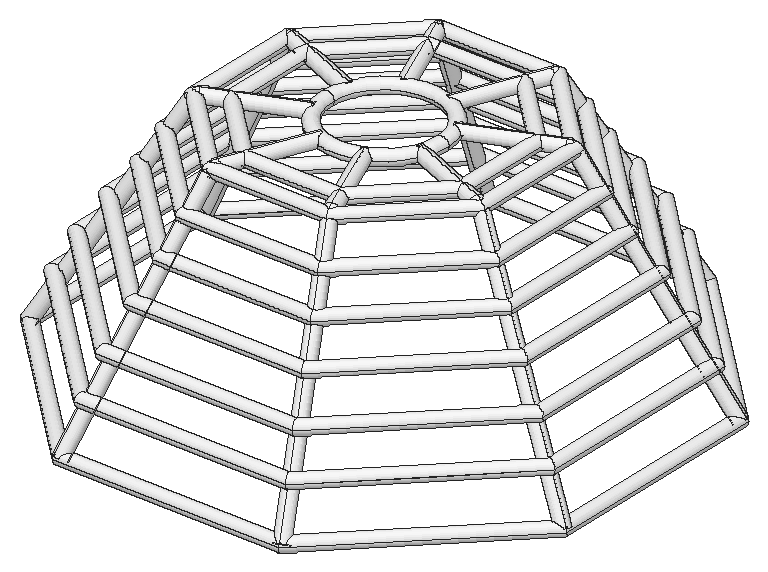
Revit family "1702a_WGOMNI", category Communication Devices, host Face, Revit 2021
Family settings
  Host = Face
  Maintain Annotation Orientation = No
  Round Connector Dimension = Use Diameter
  Part Type = Normal
  OmniClass Number = 23.85.80.11.27
  OmniClass Title = Lighting Controls
  Cut with Voids When Loaded = No
  Shared = Yes
  Room Calculation Point = No
Parameters
  Width = 7.00"
  Warranty = "5-Years Warranty"  # constant formula
  Type Comments = "WGOMNI – Ceiling mount guard for OMNI sensors"  # constant formula
  Product Page URL = ""
  Product Documentation Link = ""
  URL = "https://www.currentlighting.com/nxlightingcontrols"
  Model = "WGOMNI – Ceiling mount guard for OMNI sensors"  # constant formula
  Manufacturer = " NX Lighting Controls"  # constant formula
  Height = 7.00"
  Description = "Wire guards are heavy-duty coated wire guards for sensors to protect from destructive strikes. Mounting clips are included. Color: White."  # constant formula
  Default Elevation = 48.00"
  Copyright = "Copyright © NX Lighting Controls"  # constant formula
  Contact Us = ""
  Housing Material = Paint - Matte White
  Certifications = "UL and cUL listed"
  Assembly Code = "D5090"
Reference planes (in)
  plane 1 "Center (Front/Back)": y = 10.6334191
  plane 2: z = 0
  plane 3 "Center (Left/Right)": x = 0
  plane 4: x = -3.5
  plane 5: x = 3.5
  plane 6: y = 14.1334191
  plane 7: y = 7.1334191
  plane 8: z = 3.25
Forms (in)
  Sweep 1, solid, material "Paint - Matte White" <- "Housing Material"
    path origin (0, 0, 0) x (1, 0, 0) y (0, 1, 0)
      loop
        line (-1.4390352, 14.1075575) -> (-3.4741384, 12.0724544) -> (-3.4741384, 9.1943839) -> (-1.4390352, 7.1592807) -> (1.4390352, 7.1592807) -> (3.4741384, 9.1943839) -> (3.4741384, 12.0724544) -> (1.4390352, 14.1075575) -> (-1.4390352, 14.1075575)
    profile origin (-2.4565868, 13.090006, 0) x (0.707107, -0.707107, 0) y (0, 0, 1)
      loop
        circle (0, 0) r 0.09
      loop
        circle (0.234375, 0.6026441) r 0.09
      loop
        circle (0.7700494, 1.5870191) r 0.09
      loop
        circle (0.4642014, 1.0959147) r 0.09
      loop
        circle (1.0767278, 2.0186974) r 0.09
      loop
        circle (1.3208968, 2.4467525) r 0.09
      loop
        circle (1.6119502, 2.8940559) r 0.09
  Sweep 2, solid, material "Paint - Matte White" <- "Housing Material"
    path origin (0, 0, 0) x (1, 0, 0) y (0, 1, 0)
      loop
        line (-0.6213203, 12.1334191) -> (-1.5, 11.2547395) -> (-1.5, 10.0120988) -> (-0.6213203, 9.1334191) -> (0.6213203, 9.1334191) -> (1.5, 10.0120988) -> (1.5, 11.2547395) -> (0.6213203, 12.1334191) -> (-0.6213203, 12.1334191)
    profile origin (-1.0606602, 11.6940793, 0) x (0.707107, -0.707107, 0) y (0, 0, 1)
      loop
        circle (0, 2.9135553) r 0.0895783
  Sweep 3, solid, material "Paint - Matte White" <- "Housing Material"
    path origin (0, 0, 0) x (1, 0, 0) y (0, 1, 0)
      loop
        circle (0, 10.6334191) r 0.75
    profile origin (0, 11.3834191, 0) x (0, -1, 0) y (0, 0, 1)
      loop
        circle (0, 2.904524) r 0.0901169
  Sweep 4, solid, material "Paint - Matte White" <- "Housing Material"
    path origin (0.1545348, 10.7030502, -0.0663991) x (0.92388, 0.382684, 0) y (0, 0, 1)
      loop
        line (0.5742326, 2.9764199) -> (1.7742326, 2.9764199)
        arc (1.7742326, 2.9764199) -> (1.8255315, 2.9629562) -> (1.8636068, 2.9260358) r 0.1044605
        line (1.8636068, 2.9260358) -> (3.5962509, 0.0624248)
    profile origin (2.6766602, 11.747749, 1.4278312) x (0.790452, 0.327416, 0.517673) y (0.382684, -0.92388, 0)
      loop
        circle (0, 0) r 0.09
  Sweep 5, solid, material "Paint - Matte White" <- "Housing Material"
    path origin (0.1585093, 10.5733831, -0.0663991) x (0.92388, -0.382683, 0) y (0, 0, 1)
      loop
        line (0.5742326, 2.9764199) -> (1.7742326, 2.9764199)
        arc (1.7742326, 2.9764199) -> (1.8255315, 2.9629562) -> (1.8636068, 2.9260358) r 0.1044605
        line (1.8636068, 2.9260358) -> (3.5962509, 0.0624248)
    profile origin (2.6806347, 9.5286846, 1.4278312) x (0.790452, -0.327416, 0.517673) y (-0.382683, -0.92388, 0)
      loop
        circle (0, 0) r 0.09
  Sweep 6, solid, material "Paint - Matte White" <- "Housing Material"
    path origin (0.0696311, 10.4788843, -0.0663991) x (0.382683, -0.92388, 0) y (0, 0, 1)
      loop
        line (0.5742326, 2.9764199) -> (1.7742326, 2.9764199)
        arc (1.7742326, 2.9764199) -> (1.8255315, 2.9629562) -> (1.8636068, 2.9260358) r 0.1044605
        line (1.8636068, 2.9260358) -> (3.5962509, 0.0624248)
    profile origin (1.1143295, 7.9567588, 1.4278312) x (0.327416, -0.790452, 0.517673) y (-0.92388, -0.382683, 0)
      loop
        circle (0, 0) r 0.09
  Sweep 7, solid, material "Paint - Matte White" <- "Housing Material"
    path origin (-0.060036, 10.4749099, -0.0663991) x (-0.382684, -0.923879, 0) y (0, 0, 1)
      loop
        line (0.5742326, 2.9764199) -> (1.7742326, 2.9764199)
        arc (1.7742326, 2.9764199) -> (1.8255315, 2.9629562) -> (1.8636068, 2.9260358) r 0.1044605
        line (1.8636068, 2.9260358) -> (3.5962509, 0.0624248)
    profile origin (-1.1047349, 7.9527846, 1.4278312) x (-0.327416, -0.790452, 0.517673) y (-0.923879, 0.382684, 0)
      loop
        circle (0, 0) r 0.09
  Sweep 8, solid, material "Paint - Matte White" <- "Housing Material"
    path origin (-0.1545349, 10.5637881, -0.0663991) x (-0.92388, -0.382683, 0) y (0, 0, 1)
      loop
        line (0.5742326, 2.9764199) -> (1.7742326, 2.9764199)
        arc (1.7742326, 2.9764199) -> (1.8255315, 2.9629562) -> (1.8636068, 2.9260358) r 0.1044605
        line (1.8636068, 2.9260358) -> (3.5962509, 0.0624248)
    profile origin (-2.6766605, 9.51909, 1.4278312) x (-0.790452, -0.327416, 0.517673) y (-0.382683, 0.92388, 0)
      loop
        circle (0, 0) r 0.09
  Sweep 9, solid, material "Paint - Matte White" <- "Housing Material"
    path origin (-0.1585092, 10.6934552, -0.0663991) x (-0.923879, 0.382684, 0) y (0, 0, 1)
      loop
        line (0.5742326, 2.9764199) -> (1.7742326, 2.9764199)
        arc (1.7742326, 2.9764199) -> (1.8255315, 2.9629562) -> (1.8636068, 2.9260358) r 0.1044605
        line (1.8636068, 2.9260358) -> (3.5962509, 0.0624248)
    profile origin (-2.6806344, 11.7381544, 1.4278312) x (-0.790452, 0.327416, 0.517673) y (0.382684, 0.923879, 0)
      loop
        circle (0, 0) r 0.09
  Sweep 10, solid, material "Paint - Matte White" <- "Housing Material"
    path origin (-0.069631, 10.787954, -0.0663991) x (-0.382683, 0.92388, 0) y (0, 0, 1)
      loop
        line (0.5742326, 2.9764199) -> (1.7742326, 2.9764199)
        arc (1.7742326, 2.9764199) -> (1.8255315, 2.9629562) -> (1.8636068, 2.9260358) r 0.1044605
        line (1.8636068, 2.9260358) -> (3.5962509, 0.0624248)
    profile origin (-1.1143288, 13.3100797, 1.4278312) x (-0.327416, 0.790452, 0.517673) y (0.92388, 0.382683, 0)
      loop
        circle (0, 0) r 0.09
  Sweep 11, solid, material "Paint - Matte White" <- "Housing Material"
    path origin (0.0600361, 10.7919284, -0.0663991) x (0.382684, 0.923879, 0) y (0, 0, 1)
      loop
        line (0.5742326, 2.9764199) -> (1.7742326, 2.9764199)
        arc (1.7742326, 2.9764199) -> (1.8255315, 2.9629562) -> (1.8636068, 2.9260358) r 0.1044605
        line (1.8636068, 2.9260358) -> (3.5962509, 0.0624248)
    profile origin (1.1047356, 13.3140534, 1.4278312) x (0.327416, 0.790452, 0.517673) y (0.923879, -0.382684, 0)
      loop
        circle (0, 0) r 0.09
Dimensions and locks (in)
  "Height": plane 4 to plane 5
  "Width": plane 7 to plane 6
  equal spacing: plane 4, plane 3 "Center (Left/Right)", plane 5
  equal spacing: plane 7, plane 1 "Center (Front/Back)", plane 6
  plane 8 to plane 2 = 3.25"  (x2)
  aligned and locked: plane 2 to host face
  aligned and locked: level to host face
Automatic sketch dimensions
  host sketch curve to host sketch curve = 96.00"  (x2)
  Sweep 1 sketch curve to level = 0.00"
  Sweep 1 sketch curve to profile plane = 0.00"
  Sweep 1 sketch curve to profile plane = 0.23438"
  Sweep 1 sketch curve to profile plane = 0.4642"
  Sweep 1 sketch curve to Sweep 1 sketch curve = 0.30585"
  Sweep 1 sketch curve to Sweep 1 sketch curve = 0.30668"
  Sweep 1 sketch curve to Sweep 1 sketch curve = 0.24417"
  Sweep 1 sketch curve to Sweep 1 sketch curve = 0.29105"
  level to Sweep 1 sketch curve = 0.60264"
  Sweep 1 sketch curve to Sweep 1 sketch curve = 0.49327"
  Sweep 1 sketch curve to Sweep 1 sketch curve = 0.4911"
  Sweep 1 sketch curve to Sweep 1 sketch curve = 0.43168"
  Sweep 1 sketch curve to Sweep 1 sketch curve = 0.42806"
  Sweep 1 sketch curve to Sweep 1 sketch curve = 0.4473"
  level to Sweep 2 sketch curve = 2.91356"
  Sweep 2 sketch curve to profile plane = 0.00"
  plane 1 "Center (Front/Back)" to Sweep 3 sketch curve = 0.00"
  Sweep 3 sketch curve to plane 3 "Center (Left/Right)" = 0.00"
  level to Sweep 3 sketch curve = 2.90452"
  Sweep 3 sketch curve to profile plane = 0.00"
  Sweep 4 sketch curve to profile plane = 0.00"  (x2)
  Sweep 4 sketch curve to Sweep 4 sketch curve = 0.08937"
  Sweep 4 sketch curve to Sweep 4 sketch curve = 1.20"
  Sweep 4 sketch curve to Sweep 4 sketch curve = 1.73264"
  Sweep 4 sketch curve to Sweep 4 sketch curve = 0.05408"
  Sweep 4 sketch curve to Sweep 4 sketch curve = 2.86361"
  Sweep 5 sketch curve to profile plane = 0.00"  (x2)
  Sweep 5 sketch curve to Sweep 5 sketch curve = 0.08937"
  Sweep 5 sketch curve to Sweep 5 sketch curve = 1.20"
  Sweep 5 sketch curve to Sweep 5 sketch curve = 1.73264"
  Sweep 5 sketch curve to Sweep 5 sketch curve = 0.05408"
  Sweep 5 sketch curve to Sweep 5 sketch curve = 2.86361"
  Sweep 6 sketch curve to profile plane = 0.00"  (x2)
  Sweep 6 sketch curve to Sweep 6 sketch curve = 0.08937"
  Sweep 6 sketch curve to Sweep 6 sketch curve = 1.20"
  Sweep 6 sketch curve to Sweep 6 sketch curve = 1.73264"
  Sweep 6 sketch curve to Sweep 6 sketch curve = 0.05408"
  Sweep 6 sketch curve to Sweep 6 sketch curve = 2.86361"
  Sweep 7 sketch curve to profile plane = 0.00"  (x2)
  Sweep 7 sketch curve to Sweep 7 sketch curve = 0.08937"
  Sweep 7 sketch curve to Sweep 7 sketch curve = 1.20"
  Sweep 7 sketch curve to Sweep 7 sketch curve = 1.73264"
  Sweep 7 sketch curve to Sweep 7 sketch curve = 0.05408"
  Sweep 7 sketch curve to Sweep 7 sketch curve = 2.86361"
  Sweep 8 sketch curve to profile plane = 0.00"  (x2)
  Sweep 8 sketch curve to Sweep 8 sketch curve = 0.08937"
  Sweep 8 sketch curve to Sweep 8 sketch curve = 1.20"
  Sweep 8 sketch curve to Sweep 8 sketch curve = 1.73264"
  Sweep 8 sketch curve to Sweep 8 sketch curve = 0.05408"
  Sweep 8 sketch curve to Sweep 8 sketch curve = 2.86361"
  Sweep 9 sketch curve to profile plane = 0.00"  (x2)
  Sweep 9 sketch curve to Sweep 9 sketch curve = 0.08937"
  Sweep 9 sketch curve to Sweep 9 sketch curve = 1.20"
  Sweep 9 sketch curve to Sweep 9 sketch curve = 1.73264"
  Sweep 9 sketch curve to Sweep 9 sketch curve = 0.05408"
  Sweep 9 sketch curve to Sweep 9 sketch curve = 2.86361"
  Sweep 10 sketch curve to profile plane = 0.00"  (x2)
  Sweep 10 sketch curve to Sweep 10 sketch curve = 0.08937"
  Sweep 10 sketch curve to Sweep 10 sketch curve = 1.20"
  Sweep 10 sketch curve to Sweep 10 sketch curve = 1.73264"
  Sweep 10 sketch curve to Sweep 10 sketch curve = 0.05408"
  Sweep 10 sketch curve to Sweep 10 sketch curve = 2.86361"
  Sweep 11 sketch curve to profile plane = 0.00"  (x2)
  Sweep 11 sketch curve to Sweep 11 sketch curve = 0.08937"
  Sweep 11 sketch curve to Sweep 11 sketch curve = 1.20"
  Sweep 11 sketch curve to Sweep 11 sketch curve = 1.73264"
  Sweep 11 sketch curve to Sweep 11 sketch curve = 0.05408"
  Sweep 11 sketch curve to Sweep 11 sketch curve = 2.86361"
  radius of Sweep 1 sketch curve = 0.09"  (x7)
  radius of Sweep 2 sketch curve = 0.08958"
  radius of Sweep 3 sketch curve = 0.75"
  radius of Sweep 3 sketch curve = 0.09012"
  radius of Sweep 4 sketch curve = 0.09"
  radius of Sweep 5 sketch curve = 0.09"
  radius of Sweep 6 sketch curve = 0.09"
  radius of Sweep 7 sketch curve = 0.09"
  radius of Sweep 8 sketch curve = 0.09"
  radius of Sweep 9 sketch curve = 0.09"
  radius of Sweep 10 sketch curve = 0.09"
  radius of Sweep 11 sketch curve = 0.09"
Connectors (in)
  electrical at (0, 10.7123128, 0)
    settings: index 2, voltage 0 V, apparent load 0 VA, apparent load phase1 0 VA, apparent load phase2 0 VA, apparent load phase3 0 VA, power factor 1, load classification "Other", number of poles 1, system type 13, power factor state 1, is connector primary yes, connector utility no, sub classification motor no, connector description ""
